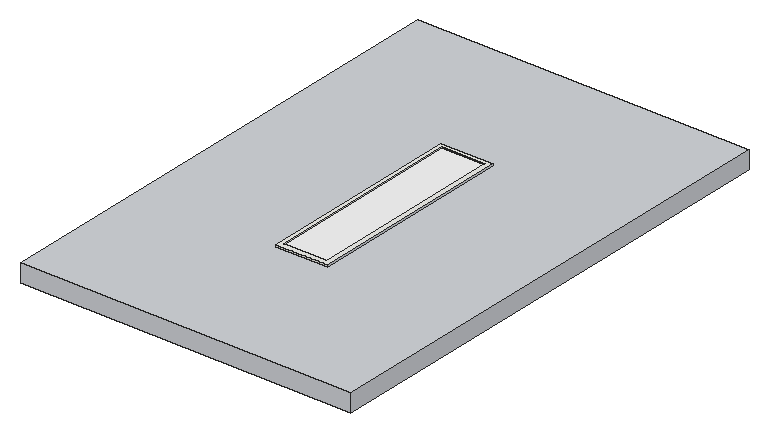
Revit family "FPL3-EE1245xxWS830840MPS0500", category Leuchten, Revit 2019
Family settings
  Basisbauteil = Fläche
  Bemaßung runder Anschluss = Durchmesser verwenden
  Teiletyp = Normal
  OmniClass-Nummer = 23.80.70.11
  OmniClass-Titel = Luminaries for Internal Lighting
  Beim Laden mit Abzugskörper schneiden = Nein
  Lichtquelle = Ja
  Gemeinsam genutzt = Nein
  Raumberechnungspunkt = Nein
Parameters (values of type "FPL3-EE1245DAWS830840MPS0500")
  width = 310 mm
  weight = "4,2 kg"
  voltage type (AC, DC, UC) = "AC"
  suspension hight [instance] = 0 mm
  rated input power = 33
  product name = "FPL3-EE1245DAWS830840MPS0500"
  nominal voltage = "230"
  nominal frequency = "50-60Hz"
  length = 1245 mm
  ingress protection (IP) code = "IP20"
  height = 13 mm
  electrical safety class = "1"
  control gear = ""
  conformity mark = "CE"  # constant formula
  brand = "RIDI"
  approval mark = ""
  built-in parameter 1150104 = 13.8 (stored number, unit not read)
  Wattage = 26.2552 W
  Default Elevation = 0 mm
  Von Länge des Rechtecks aussenden = 260 mm
  Von Breite des Rechtecks ausssenden = 1195 mm
  built-in parameter 1150113 = 1 (stored number, unit not read)
  built-in parameter 1114218 = 1 (stored number, unit not read)
  URL = "www.ridi.de"
  built-in parameter 1150134 = 12
  built-in parameter 1150109 = 1 (stored number, unit not read)
  built-in parameter 1150110 = 1 (stored number, unit not read)
  Apparent Load = 33 VA
  Tilt Angle = 90.00°
  Modell = "0832997"
  built-in parameter 1114217 = 1 (stored number, unit not read)
  built-in parameter 1150139 = (empty or 0)
  built-in parameter 1150105 = 310.35 (stored number, unit not read)
  built-in parameter 1150114 = 1 (stored number, unit not read)
  Lumens = 3900 lm
  built-in parameter 1150115 = 1 (stored number, unit not read)
  built-in parameter 1150112 = 1 (stored number, unit not read)
  Lampe = "LED"
  Hersteller = "RIDI Leuchten GmbH"  # constant formula
  Dimming Lamp Color Temperature Shift = (empty or 0)
  Color Filter = 16777215
  built-in parameter 1150133 = 10 (stored number, unit not read)
  Emit Shape Visible in Rendering = no
  built-in parameter 1150137 = (empty or 0)
  built-in parameter 1150132 = 2
  Datei für fotometrisches Netz = "FPL3-EE.IES"
  Copyright = "© RIDI. All rights reserved."  # constant formula
  built-in parameter 1150106 = 3.1035 (stored number, unit not read)
  Baugruppenkennzeichen = "D5020200"
  built-in parameter 1150107 = 4000 (stored number, unit not read)
  built-in parameter 1150102 = (empty or 0)
  built-in parameter 1150138 = (empty or 0)
Types (3, lengths in mm): name | product name | Modell | built-in parameter 1150105 | built-in parameter 1150106
  (no name) | "FPL3-EE1245DAWS830840MPS0500" | "0832997" | 310.35 (stored number, unit not read) | 3.1035 (stored number, unit not read)
  FPL3-EE1245NDWS830840MPS0500 | "FPL3-EE1245NDWS830840MPS0500" | "0822997" | 1893.5 (stored number, unit not read) | 18.935 (stored number, unit not read)
  FPL3-EE1245DAWS830840MPS0500 | "FPL3-EE1245DAWS830840MPS0500" | "0832997" | 310.35 (stored number, unit not read) | 3.1035 (stored number, unit not read)
Reference planes
  plane 1 "Mitte (Vorne/hinten)": y = 0
  plane 2: z = 0
  plane 3 "Mitte (Links/rechts)": x = 0
  plane 4: z = 0
Forms (mm)
  Extrusion 1, solid
    sketch origin (219.2, 280.8, 0) x (1, 0, 0) y (0, 1, 0)
      loop
        line (-1219.2, 1219.2) -> (-1219.2, -1780.8) -> (780.8, -1780.8) -> (780.8, 1219.2) -> (-1219.2, 1219.2)
    from 0 to -107.307
  Extrusion 2, solid
    sketch origin (0.233, 0, 0) x (1, 0, 0) y (0, 1, 0)
      loop
        circle (-0.341, -477.926) r 1.5
    from 1.31 to 0
  Extrusion 3, solid
    sketch origin (0, 0, 0) x (1, 0, 0) y (0, 1, 0)
      loop
        line (-155, 622.5) -> (-155, -622.5) -> (155, -622.5) -> (155, 622.5) -> (-155, 622.5)
    from 0 to 13
  Extrusion 4, void
    sketch origin (0, 0, 0) x (1, 0, 0) y (0, 1, 0)
      loop
        line (-130, 597.5) -> (-130, -597.5) -> (130, -597.5) -> (130, 597.5) -> (-130, 597.5)
    from 10 to 13
  Extrusion 5, solid
    sketch origin (0, 0, 0) x (1, 0, 0) y (0, 1, 0)
      loop
        circle (0, 577.5) r 2
      loop
        circle (0, -577.5) r 2
      loop
        circle (0, 0) r 2
    from 0 to 1
Cuts and joins
  Extrusion 4 cuts Extrusion 3
Lines and regions (mm)
  reference lines
    curve 1: line (0, 802.513, 13) -> (0, -717.487, 13)
    curve 2: line (0, 791.999, 10) -> (0, 156.999, 10)
Dimensions and locks
  "suspension hight": plane 4 to Extrusion 1
  Extrusion 4 sketch curve to Extrusion 3 = 25 mm
  locked: Extrusion 3 to Extrusion 4 sketch curve at 25
  locked: Extrusion 4 sketch curve to Extrusion 3 at 25  (x2)
  curve 1 to plane 4 = 13 mm
  curve 2 to curve 1 = 3 mm
  locked: cut or joined group of Extrusion 3, Extrusion 4 to Extrusion 2 at 8.69
  locked: cut or joined group of Extrusion 3, Extrusion 4 to Extrusion 5 sketch curve at 45  (x2)
  locked: curve 1 to Extrusion 5 sketch curve
  locked: Extrusion 5 sketch curve to curve 1 at 0
  locked: Extrusion 5 to cut or joined group of Extrusion 3, Extrusion 4 at 1
  locked: Extrusion 3 sketch curve to Extrusion 3 sketch curve at 310
  locked: Extrusion 3 sketch curve to curve 1 at 155
  locked: Extrusion 3 sketch curve to Extrusion 3 sketch curve at 1245
  locked: plane 1 "Mitte (Vorne/hinten)" to Extrusion 3 sketch curve at 622.5
  aligned and locked: plane 2 to Extrusion 1
  aligned and locked: level to Extrusion 1
  aligned and locked: Extrusion 3 to Extrusion 4
  aligned and locked: cut or joined group of Extrusion 3, Extrusion 4 to plane 4
  aligned and locked: Extrusion 3 to curve 1
  aligned and locked: curve 2 to Extrusion 4
  aligned and locked: Extrusion 2 to plane 4
  aligned and locked: cut or joined group of Extrusion 3, Extrusion 4 to Extrusion 2
  aligned and locked: imposter light to cut or joined group of Extrusion 3, Extrusion 4
  aligned and locked: Extrusion 5 to Extrusion 1
Automatic sketch dimensions
  Extrusion 1 sketch curve to Extrusion 1 sketch curve = 2000 mm
  Extrusion 1 sketch curve to Extrusion 1 sketch curve = 3000 mm
  Extrusion 2 sketch curve to plane 3 "Mitte (Links/rechts)" = 0.107 mm
  plane 1 "Mitte (Vorne/hinten)" to Extrusion 2 sketch curve = 477.926 mm
  plane 1 "Mitte (Vorne/hinten)" to curve 1 = 717.487 mm
  curve 2 to plane 1 "Mitte (Vorne/hinten)" = 156.999 mm
  curve 2 to curve 2 = 635 mm
  curve 2 to curve 1 = 10.515 mm
  plane 1 "Mitte (Vorne/hinten)" to Extrusion 5 sketch curve = 0 mm
  Extrusion 5 sketch curve to plane 3 "Mitte (Links/rechts)" = 0 mm
  radius of Extrusion 2 sketch curve = 1.5 mm
  radius of Extrusion 5 sketch curve = 2 mm  (x3)
Connectors
  electrical at (-0.107, -477.926, 0)
    settings: on Extrusion 2, index 1, voltage 230 V, apparent load 0 VA, apparent load phase1 33 VA, apparent load phase2 0 VA, apparent load phase3 0 VA, power factor 1, load classification "Lighting", number of poles 1, system type 31, power factor state 1, is connector primary yes, connector utility no, sub classification motor no, connector description ""
